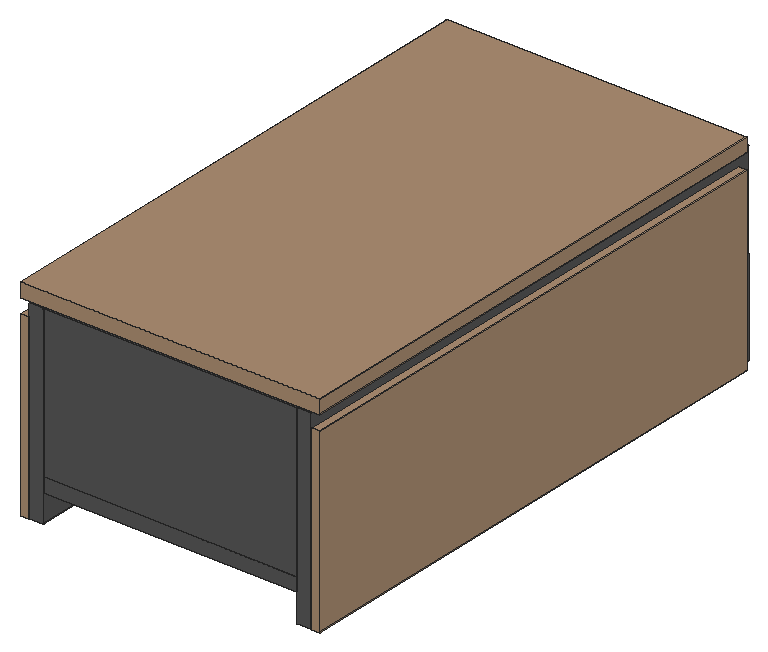
Revit family "Sanitary_Compound-Units_hansgrohe_54243XXX-Xilesa-E-Vanity-unit_340-240_handrise-basin_hinge-left", category Furniture, host Face, Revit 2022
Family settings
  Host = Face
  OmniClass Number = 23.21.19.15.33.13
  OmniClass Title = Residential Bathroom Specialty Casework
  Cut with Voids When Loaded = No
  Render Appearance Source = Family Geometry
  Shared = No
  Room Calculation Point = No
Parameters (values of type "550 Cashmere Oak")
  Version = 1  # constant formula
  URL = "https://www.hansgrohe.com/"
  Product data url = "https://www.bimobject.com/en/hansgrohe/product/54243XXX"
  Product Page URL = "https://www.hansgrohe.com/articledetail--54243550"
  Model = "54243XXX"  # constant formula
  Material 3 = Hansgrohe - Metal - Black
  Material 2 = Hansgrohe - MDF - Matt Black
  Material 1 = Hansgrohe - MDF - 550 Cashmere Oak (vertical)
  Manufacturer = "Hansgrohe"  # constant formula
  Height = 0 mm
  Description = "Xilesa E Vanity unit 340/240 for handrinse basin, door hinge left"  # constant formula
  Default Elevation = 0 mm
  Date Updated = ""
  Date Created = "2024/02/03"  # constant formula
Types (5, lengths in mm): name | Material 1
  (no name) | Hansgrohe - MDF - 550 Cashmere Oak (vertical)
  550 Cashmere Oak | Hansgrohe - MDF - 550 Cashmere Oak (vertical)
  700 Matt White | Hansgrohe - MDF - 700 Matt White
  760 Slate Matt Grey | Hansgrohe - MDF - 760 Slate Matt Grey
  780 Sand Matt Beige | Hansgrohe - MDF - 780 Sand Matt Beige
Reference planes
  plane 1 "Center (Front/Back)": y = 0
  plane 2: z = 0
  plane 3 "Center (Left/Right)": x = 0
  plane 4: x = 170
  plane 5: x = -170
  plane 6: y = -620
  plane 7: z = 238
Dimensions and locks
  aligned and locked: plane 2 to host face
  aligned and locked: level to host face
Nested families
  nested 1: "54243XXX" at (0, -620, 0) x (0, 0, -1) z (0, 1, 0), Material 1 <- "Material 1", Material 2 <- "Material 2", Material 3 <- "Material 3", type "54243XXX"
    with Material 3 Hansgrohe - Metal - Black, Material 2 Hansgrohe - MDF - Matt Black, Material 1 Hansgrohe - MDF - 550 Cashmere Oak (vertical), built-in parameter 1001306 0.91864 (stored number, unit not read)
Definition of nested family "54243XXX"
  Parameters (values of type "54243XXX")
    Material 3 [instance] = none
    Material 2 [instance] = none
    Material 1 [instance] = none
    built-in parameter 1001306 [instance] = 1200 mm
    Default Elevation = 0 mm
  Reference planes
    plane 1 "Center (Front/Back)": y = 0
    plane 2: z = 0
    plane 3 "Left": x = 0
    plane 4 "Right": x = 1200
  Lines and regions (mm)
    reference lines
      curve 1: line (0, 0, 0) -> (1200, 0, 0)
  Dimensions and locks
    "built-in parameter 1001306": plane 3 "Left" to plane 4 "Right"
    aligned and locked: plane 4 "Right" to curve 1
    aligned and locked: plane 1 "Center (Front/Back)" to curve 1
    aligned and locked: plane 3 "Left" to curve 1
    aligned and locked: level to plane 2
  Nested families
    nested 1: "54243XXX_p" at (0, 0, 0) x (0, -1, 0) z (0, 0, 1), Material 1 <- "Material 1", Material 2 <- "Material 2", Material 3 <- "Material 3", type "54243XXX"
      with Material 3 none, Material 2 none, Material 1 none
  Definition of nested family "54243XXX_p"
    Parameters (values of type "54243XXX")
      Version = 1  # constant formula
      URL = "https://www.hansgrohe.com/"
      Product data url = "https://www.bimobject.com/en/hansgrohe/product/54243XXX"
      Product Page URL = "https://www.hansgrohe.com/articledetail--54243550"
      Model = "54243XXX"  # constant formula
      Material 3 [instance] = none
      Material 2 [instance] = none
      Material 1 [instance] = none
      Manufacturer = "Hansgrohe"  # constant formula
      Description = "Xilesa E Vanity unit 340/240 for handrinse basin, door hinge left"  # constant formula
      Default Elevation = 0 mm
      Date Updated = ""
      Date Created = "2024/12/16"  # constant formula
    Reference planes
      plane 1 "Center (Front/Back)": y = 0
      plane 2: z = 0
      plane 3 "Center (Left/Right)": x = 0
    Forms (mm)
      Extrusion 1, solid, material <- "Material 1", detail levels medium+fine
        sketch origin (0, 0, 0) x (1, 0, 0) y (0, 1, 0)
          loop
            line (-160.6, 0) -> (-169.2, 0)
            arc (-169.2, 0) -> (-169.766, -0.234) -> (-170, -0.8) r 0.8
            line (-170, -0.8) -> (-170, -203.9)
            arc (-170, -203.9) -> (-169.766, -204.466) -> (-169.2, -204.7) r 0.8
            line (-169.2, -204.7) -> (-160.6, -204.7)
            arc (-160.6, -204.7) -> (-160.034, -204.466) -> (-159.8, -203.9) r 0.8
            line (-159.8, -203.9) -> (-159.8, -0.8)
            arc (-159.8, -0.8) -> (-160.034, -0.234) -> (-160.6, 0) r 0.8
          loop
            arc (160.6, 0) -> (160.034, -0.234) -> (159.8, -0.8) r 0.8
            line (159.8, -0.8) -> (159.8, -203.9)
            arc (159.8, -203.9) -> (160.034, -204.466) -> (160.6, -204.7) r 0.8
            line (160.6, -204.7) -> (169.2, -204.7)
            arc (169.2, -204.7) -> (169.766, -204.466) -> (170, -203.9) r 0.8
            line (170, -203.9) -> (170, -0.8)
            arc (170, -0.8) -> (169.766, -0.234) -> (169.2, 0) r 0.8
            line (169.2, 0) -> (160.6, 0)
        from 0 to 605
      Extrusion 2, solid, material <- "Material 1", detail levels medium+fine
        sketch origin (0, 0, 0) x (1, 0, 0) y (0, 1, 0)
          loop
            line (-169.2, -238) -> (169.2, -238)
            arc (169.2, -238) -> (169.766, -237.766) -> (170, -237.2) r 0.8
            line (170, -237.2) -> (170, -222.5)
            arc (170, -222.5) -> (169.766, -221.934) -> (169.2, -221.7) r 0.8
            line (169.2, -221.7) -> (-169.2, -221.7)
            arc (-169.2, -221.7) -> (-169.766, -221.934) -> (-170, -222.5) r 0.8
            line (-170, -222.5) -> (-170, -237.2)
            arc (-170, -237.2) -> (-169.766, -237.766) -> (-169.2, -238) r 0.8
        from 0 to 605
      Extrusion 3, solid, material <- "Material 2", detail levels medium+fine
        sketch origin (0, 0, 0) x (1, 0, 0) y (0, 1, 0)
          loop
            line (-159.8, -0.8) -> (-159.8, -218.9)
            arc (-159.8, -218.9) -> (-159.566, -219.466) -> (-159, -219.7) r 0.8
            line (-159, -219.7) -> (-144.6, -219.7)
            arc (-144.6, -219.7) -> (-144.034, -219.466) -> (-143.8, -218.9) r 0.8
            line (-143.8, -218.9) -> (-143.8, -0.8)
            arc (-143.8, -0.8) -> (-144.034, -0.234) -> (-144.6, 0) r 0.8
            line (-144.6, 0) -> (-159, 0)
            arc (-159, 0) -> (-159.566, -0.234) -> (-159.8, -0.8) r 0.8
          loop
            arc (159.8, -0.8) -> (159.566, -0.234) -> (159, 0) r 0.8
            line (159, 0) -> (144.6, 0)
            arc (144.6, 0) -> (144.034, -0.234) -> (143.8, -0.8) r 0.8
            line (143.8, -0.8) -> (143.8, -218.9)
            arc (143.8, -218.9) -> (144.034, -219.466) -> (144.6, -219.7) r 0.8
            line (144.6, -219.7) -> (159, -219.7)
            arc (159, -219.7) -> (159.566, -219.466) -> (159.8, -218.9) r 0.8
            line (159.8, -218.9) -> (159.8, -0.8)
        from 0 to 620
      Extrusion 4, solid, material <- "Material 2", detail levels fine
        sketch origin (0, 0, 0) x (1, 0, 0) y (0, 1, 0)
          loop
            line (-143.8, -32.2) -> (-143.8, -48.2) -> (143.8, -48.2) -> (143.8, -32.2) -> (-143.8, -32.2)
        from 0 to 125.5
      Extrusion 5, solid, material <- "Material 2", detail levels fine
        sketch origin (0, 0, 0) x (1, 0, 0) y (0, 1, 0)
          loop
            line (-143.8, -48.2) -> (-143.8, -219.2) -> (143.8, -219.2) -> (143.8, -48.2) -> (-143.8, -48.2)
        from 0 to 17
      Extrusion 6, solid, material <- "Material 3", detail levels fine
        sketch origin (0, 0, 0) x (1, 0, 0) y (0, 1, 0)
          loop
            line (-142.3, -216.9) -> (-142.3, -189.2) -> (-143.8, -189.2) -> (-143.8, -216.9)
            arc (-143.8, -216.9) -> (-143.126, -218.526) -> (-141.5, -219.2) r 2.3
            line (-141.5, -219.2) -> (141.5, -219.2)
            arc (141.5, -219.2) -> (143.126, -218.526) -> (143.8, -216.9) r 2.3
            line (143.8, -216.9) -> (143.8, -189.2) -> (142.3, -189.2) -> (142.3, -216.9)
            arc (142.3, -216.9) -> (142.066, -217.466) -> (141.5, -217.7) r 0.8
            line (141.5, -217.7) -> (-141.5, -217.7)
            arc (-141.5, -217.7) -> (-142.066, -217.466) -> (-142.3, -216.9) r 0.8
        from 569.5 to 619.5
      Extrusion 7, solid, material <- "Material 1", detail levels coarse
        sketch origin (0, 0, 0) x (1, 0, 0) y (0, 1, 0)
          loop
            line (-170, 0) -> (-170, -238) -> (170, -238) -> (170, 0) -> (143.8, 0) -> (143.8, -221.7) -> (0, -221.7) -> (-143.8, -221.7) -> (-143.8, 0) -> (-170, 0)
        from 0 to 620
      Extrusion 8, solid, material <- "Material 3", detail levels fine
        sketch origin (0, 0, 0) x (1, 0, 0) y (0, 0, 1)
          loop
            line (-119.8, 482) -> (-119.8, 540)
            arc (-119.8, 540) -> (-120.972, 542.829) -> (-123.8, 544) r 4
            line (-123.8, 544) -> (-138.8, 544)
            arc (-138.8, 544) -> (-141.628, 542.829) -> (-142.8, 540) r 4
            line (-142.8, 540) -> (-142.8, 482)
            arc (-142.8, 482) -> (-141.628, 479.172) -> (-138.8, 478) r 4
            line (-138.8, 478) -> (-123.8, 478)
            arc (-123.8, 478) -> (-120.972, 479.172) -> (-119.8, 482) r 4
        from 218.9 to 221.7
      Extrusion 9, solid, material <- "Material 3", detail levels fine
        sketch origin (0, 0, 0) x (0, 1, 0) y (0, 0, 1)
          loop
            line (-149.706, 520.501) -> (-172.206, 520.501)
            arc (-172.206, 520.501) -> (-175.035, 521.672) -> (-176.206, 524.501) r 4
            line (-176.206, 524.501) -> (-176.206, 532.501)
            arc (-176.206, 532.501) -> (-176.938, 534.268) -> (-178.706, 535.001) r 2.5
            line (-178.706, 535.001) -> (-188.706, 535.001)
            arc (-188.706, 535.001) -> (-190.474, 534.268) -> (-191.206, 532.501) r 2.5
            line (-191.206, 532.501) -> (-191.206, 524.501)
            arc (-191.206, 524.501) -> (-192.378, 521.672) -> (-195.206, 520.501) r 4
            line (-195.206, 520.501) -> (-206.544, 520.501) -> (-206.544, 501.501) -> (-195.206, 501.501)
            arc (-195.206, 501.501) -> (-192.378, 500.329) -> (-191.206, 497.501) r 4
            line (-191.206, 497.501) -> (-191.206, 489.501)
            arc (-191.206, 489.501) -> (-190.474, 487.733) -> (-188.706, 487.001) r 2.5
            line (-188.706, 487.001) -> (-178.706, 487.001)
            arc (-178.706, 487.001) -> (-176.938, 487.733) -> (-176.206, 489.501) r 2.5
            line (-176.206, 489.501) -> (-176.206, 497.501)
            arc (-176.206, 497.501) -> (-175.035, 500.329) -> (-172.206, 501.501) r 4
            line (-172.206, 501.501) -> (-149.706, 501.501)
            arc (-149.706, 501.501) -> (-147.938, 502.233) -> (-147.206, 504.001) r 2.5
            line (-147.206, 504.001) -> (-147.206, 518.001)
            arc (-147.206, 518.001) -> (-147.938, 519.768) -> (-149.706, 520.501) r 2.5
        from -143.8 to -140.45
      Extrusion 10, solid, material <- "Material 3", detail levels fine
        sketch origin (0, 0, 0) x (1, 0, 0) y (0, 1, 0)
          loop
            line (-126.45, -219.2) -> (-130.658, -160.187) -> (-133.066, -160.422) -> (-138.299, -155.486) -> (-138.299, -147.206) -> (-140.45, -147.206) -> (-140.45, -219.2) -> (-126.45, -219.2)
        from 504.25 to 517.75
      Extrusion 11, solid, material <- "Material 3", detail levels fine
        sketch origin (0, 0, -417) x (1, 0, 0) y (0, 0, 1)
          loop
            line (-119.8, 482) -> (-119.8, 540)
            arc (-119.8, 540) -> (-120.972, 542.829) -> (-123.8, 544) r 4
            line (-123.8, 544) -> (-138.8, 544)
            arc (-138.8, 544) -> (-141.628, 542.829) -> (-142.8, 540) r 4
            line (-142.8, 540) -> (-142.8, 482)
            arc (-142.8, 482) -> (-141.628, 479.172) -> (-138.8, 478) r 4
            line (-138.8, 478) -> (-123.8, 478)
            arc (-123.8, 478) -> (-120.972, 479.172) -> (-119.8, 482) r 4
        from 218.9 to 221.7
      Extrusion 12, solid, material <- "Material 3", detail levels fine
        sketch origin (0, 0, -417) x (0, 1, 0) y (0, 0, 1)
          loop
            line (-149.706, 520.501) -> (-172.206, 520.501)
            arc (-172.206, 520.501) -> (-175.035, 521.672) -> (-176.206, 524.501) r 4
            line (-176.206, 524.501) -> (-176.206, 532.501)
            arc (-176.206, 532.501) -> (-176.938, 534.268) -> (-178.706, 535.001) r 2.5
            line (-178.706, 535.001) -> (-188.706, 535.001)
            arc (-188.706, 535.001) -> (-190.474, 534.268) -> (-191.206, 532.501) r 2.5
            line (-191.206, 532.501) -> (-191.206, 524.501)
            arc (-191.206, 524.501) -> (-192.378, 521.672) -> (-195.206, 520.501) r 4
            line (-195.206, 520.501) -> (-206.544, 520.501) -> (-206.544, 501.501) -> (-195.206, 501.501)
            arc (-195.206, 501.501) -> (-192.378, 500.329) -> (-191.206, 497.501) r 4
            line (-191.206, 497.501) -> (-191.206, 489.501)
            arc (-191.206, 489.501) -> (-190.474, 487.733) -> (-188.706, 487.001) r 2.5
            line (-188.706, 487.001) -> (-178.706, 487.001)
            arc (-178.706, 487.001) -> (-176.938, 487.733) -> (-176.206, 489.501) r 2.5
            line (-176.206, 489.501) -> (-176.206, 497.501)
            arc (-176.206, 497.501) -> (-175.035, 500.329) -> (-172.206, 501.501) r 4
            line (-172.206, 501.501) -> (-149.706, 501.501)
            arc (-149.706, 501.501) -> (-147.938, 502.233) -> (-147.206, 504.001) r 2.5
            line (-147.206, 504.001) -> (-147.206, 518.001)
            arc (-147.206, 518.001) -> (-147.938, 519.768) -> (-149.706, 520.501) r 2.5
        from -143.8 to -140.45
      Extrusion 13, solid, material <- "Material 3", detail levels fine
        sketch origin (0, 0, -417) x (1, 0, 0) y (0, 1, 0)
          loop
            line (-126.45, -219.2) -> (-130.658, -160.187) -> (-133.066, -160.422) -> (-138.299, -155.486) -> (-138.299, -147.206) -> (-140.45, -147.206) -> (-140.45, -219.2) -> (-126.45, -219.2)
        from 504.25 to 517.75
    Lines and regions (mm)
      Masking region 1
        outline origin (0, 0, 0) x (1, 0, 0) y (0, 1, 0)
          loop
            line (-144.6, 0) -> (-159.8, 0) -> (-169.2, 0)
            arc (-169.2, 0) -> (-169.766, -0.234) -> (-170, -0.8) r 0.8
            line (-170, -0.8) -> (-170, -203.9)
            arc (-170, -203.9) -> (-169.766, -204.466) -> (-169.2, -204.7) r 0.8
            line (-169.2, -204.7) -> (-159.8, -204.7) -> (-159.8, -221.7) -> (-169.2, -221.7)
            arc (-169.2, -221.7) -> (-169.766, -221.934) -> (-170, -222.5) r 0.8
            line (-170, -222.5) -> (-170, -237.2)
            arc (-170, -237.2) -> (-169.766, -237.766) -> (-169.2, -238) r 0.8
            line (-169.2, -238) -> (0, -238) -> (169.2, -238)
            arc (169.2, -238) -> (169.766, -237.766) -> (170, -237.2) r 0.8
            line (170, -237.2) -> (170, -222.5)
            arc (170, -222.5) -> (169.766, -221.934) -> (169.2, -221.7) r 0.8
            line (169.2, -221.7) -> (159.8, -221.7) -> (159.8, -204.7) -> (169.2, -204.7)
            arc (169.2, -204.7) -> (169.766, -204.466) -> (170, -203.9) r 0.8
            line (170, -203.9) -> (170, -0.8)
            arc (170, -0.8) -> (169.766, -0.234) -> (169.2, 0) r 0.8
            line (169.2, 0) -> (159.8, 0) -> (144.6, 0)
            arc (144.6, 0) -> (144.034, -0.234) -> (143.8, -0.8) r 0.8
            line (143.8, -0.8) -> (143.8, -32.2) -> (0, -32.2) -> (-143.8, -32.2) -> (-143.8, -0.8)
            arc (-143.8, -0.8) -> (-144.034, -0.234) -> (-144.6, 0) r 0.8
      Masking region 2
        outline origin (0, 0, 0) x (0, 1, 0) y (0, 0, 1)
          loop
            line (-0.8, 620) -> (-218.9, 620)
            arc (-218.9, 620) -> (-219.466, 619.766) -> (-219.7, 619.2) r 0.8
            line (-219.7, 619.2) -> (-219.7, 589.237) -> (-221.7, 589.237) -> (-221.7, 604.2)
            arc (-221.7, 604.2) -> (-221.934, 604.766) -> (-222.5, 605) r 0.8
            line (-222.5, 605) -> (-237.2, 605)
            arc (-237.2, 605) -> (-237.766, 604.766) -> (-238, 604.2) r 0.8
            line (-238, 604.2) -> (-238, 0.8)
            arc (-238, 0.8) -> (-237.766, 0.234) -> (-237.2, 0) r 0.8
            line (-237.2, 0) -> (-222.5, 0)
            arc (-222.5, 0) -> (-221.934, 0.234) -> (-221.7, 0.8) r 0.8
            line (-221.7, 0.8) -> (-221.7, 15.725) -> (-219.7, 15.725) -> (-219.7, 0.8)
            arc (-219.7, 0.8) -> (-219.466, 0.234) -> (-218.9, 0) r 0.8
            line (-218.9, 0) -> (-0.8, 0)
            arc (-0.8, 0) -> (-0.234, 0.234) -> (0, 0.8) r 0.8
            line (0, 0.8) -> (0, 619.2)
            arc (0, 619.2) -> (-0.234, 619.766) -> (-0.8, 620) r 0.8
      Masking region 3
        outline origin (0, 0, 0) x (1, 0, 0) y (0, 0, 1)
          loop
            line (-159.8, 605) -> (-170, 605) -> (-170, 0) -> (0, 0) -> (170, 0) -> (170, 605) -> (159.8, 605) -> (159.8, 619.5) -> (0, 619.5) -> (-159.8, 619.5) -> (-159.8, 605)
      symbolic lines, detail levels medium+fine
        curve 1: line (0, -48.2, 0) -> (-143.8, -48.2, 0)
        curve 2: line (-143.8, -32.2, 0) -> (-143.8, -219.2, 0)
        curve 3: line (-159.8, 0, 0) -> (-159.8, -204.7, 0)
        curve 4: line (-143.8, -219.2, 0) -> (0, -219.2, 0)
        curve 5: line (-159.8, -221.7, 0) -> (0, -221.7, 0)
        curve 6: line (-143.8, -219.2, 0) -> (-159.8, -219.2, 0)
        curve 11: line (0, -221.7, 589.237) -> (0, -221.7, 24.3)
        curve 12: line (0, -221.7, 24.3) -> (0, -219.7, 24.3)
        curve 13: line (0, -219.7, 24.3) -> (0, -219.7, 580.649)
        curve 14: line (0, -219.7, 580.649) -> (0, -221.7, 580.649)
        curve 15: line (0, -219.7, 24.3) -> (0, -219.7, 15.725)
        curve 16: line (0, -221.7, 24.3) -> (0, -221.7, 15.725)
        curve 17: line (0, -219.7, 589.237) -> (0, -219.7, 580.649)
        curve 21: line (-159.8, 0, 605) -> (159.8, 0, 605)
        curve 24: line (0, -48.2, 0) -> (143.8, -48.2, 0)
        curve 25: line (143.8, -32.2, 0) -> (143.8, -219.2, 0)
        curve 26: line (159.8, 0, 0) -> (159.8, -204.7, 0)
        curve 27: line (143.8, -219.2, 0) -> (0, -219.2, 0)
        curve 28: line (159.8, -221.7, 0) -> (0, -221.7, 0)
        curve 29: line (143.8, -219.2, 0) -> (159.8, -219.2, 0)
      symbolic lines, detail levels fine
        curve 7: line (0, -199.2, 0) -> (-143.8, -199.2, 0)
        curve 8: line (-120, -221.7, 0) -> (-120, -219.2, 0)
        curve 9: line (-143, -221.7, 0) -> (-143, -219.2, 0)
        curve 10: arc (-158.697, -219.2, 0) -> (-151.8, -221.7, 0) -> (-144.903, -219.2, 0) r 10.763
        curve 18: line (0, 0, 605) -> (0, -203.9, 605)
        curve 19: line (0, -204.7, 604.2) -> (0, -204.7, 0)
        curve 20: arc (0, -203.9, 605) -> (0, -204.466, 604.766) -> (0, -204.7, 604.2) r 0.8
        curve 22: line (-143.8, 0, 619.5) -> (-143.8, 0, 605)
        curve 23: line (143.8, 0, 619.5) -> (143.8, 0, 605)
        curve 30: line (0, -199.2, 0) -> (143.8, -199.2, 0)
        curve 31: arc (158.697, -219.2, 0) -> (151.8, -221.7, 0) -> (144.903, -219.2, 0) r 10.763
        curve 32: line (-125.77, -199.2, 0) -> (-128.567, -159.982, 0)
        curve 33: line (-138.299, -147.206, 0) -> (-143.8, -147.206, 0)
        curve 34: line (-138.299, -155.486, 0) -> (-138.299, -147.206, 0)
        curve 35: line (-133.066, -160.422, 0) -> (-138.299, -155.486, 0)
        curve 36: line (-128.567, -159.982, 0) -> (-133.066, -160.422, 0)
        curve 37: line (-140.5, -147.206, 0) -> (-140.5, -199.2, 0)
        curve 38: line (-133.066, -160.422, 0) -> (-140.5, -161.148, 0)
    Dimensions and locks
      aligned and locked: level to plane 2
